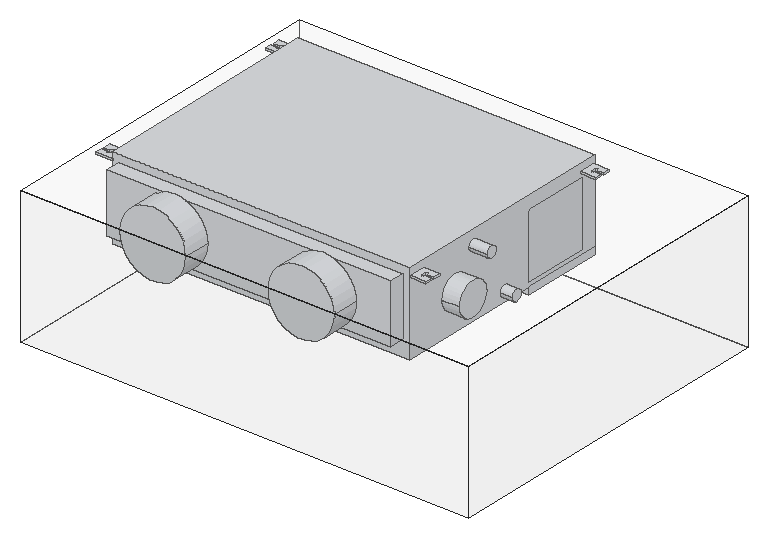
Revit family "pd-rp40_160ga21_60Hz", category 機械設備, Revit 2019
Family settings
  丸型コネクタ寸法 = 直径を使用
  パーツ タイプ = 標準
  OmniClass 番号 = 23.75.10.24.21.27.27
  OmniClass タイトル = Split System Air Conditioning Units
  作業面ベース = いいえ
  常に垂直 = はい
  ロード時にボイドで切り取り = いいえ
  共有 = いいえ
  部屋計算ポイント = はい
Parameters (values of type "PD-RP40GA21")
  騒音レベル（弱）(dB) = 52
  騒音レベル（中）(dB) = 55
  風量（弱）（m3／min） = 10
  風量（中）（m3／min） = 12
  風量（m3／min） = 14
  風量 = MAX風量  # 840.0 m³/h
  音響パワーレベル(dB) = 58
  電源種別 = ""
  電圧_電気ヒーター = 0 V
  電圧 = 200 V
  電動機出力_送風機 = 0.085 kW
  運転質量 = 0.00 kg
  連動 = ""
  質量 = if(製品質量 > 運転質量, 製品質量, 運転質量) * 1.2  # 34.80 kg
  負荷分類 = 3_ファン類
  説明 = "店舗・事務所用パッケージエアコン（Mr.SLIM） 天井ビルトイン形"
  設計暖房能力 [instance] = 0 kW
  設計冷房能力_顕熱 [instance] = 0 kW
  設計冷房能力 [instance] = 0 kW
  設置方法 = "天井吊（隠ぺい）形"
  記号 [instance] = ""
  製造元 = "三菱電機株式会社"
  製品質量 = 29.00 kg
  製品出荷対象 = "国内"
  製品リリース年月 = "2025/5/12"
  製品グループ = ""
  系統 [instance] = ""
  符号 = "PAC-CIS"
  積算_科目 = "1 空気調和設備"
  積算_拾い区分 [instance] = ""
  相_電気ヒーター = 1
  相 = 1
  盤記号 [instance] = ""
  発停方法 = ""
  特殊仕様 [instance] = ""
  火災停止 = ""
  消費電力_電気ヒーター = 0 kW
  消費電力_暖房 = 0.1 kW
  消費電力_加湿器 = 0 kW
  消費電力_冷房 = 0.1 kW
  消費電力 = if(消費電力_冷房 > 消費電力_暖房, 消費電力_冷房, 消費電力_暖房) + 消費電力_加湿器 + 消費電力_電気ヒーター  # 0.1 kW
  法定耐用年数 = "15"
  機外静圧 = 10.0 Pa
  極数 = 1
  材質 [instance] = ""
  有効加湿量 = 0
  暖房能力 = 4 kW
  形式_加湿器 = ""
  形式 = "天井吊（隠ぺい）形（片ダクト形）"
  幹線記号 [instance] = ""
  始動方式 = "直入"
  呼称 = "室内機_天井吊（隠ぺい）形（片ダクト形）"
  周波数 = 60 Hz
  台数_手元リモコン [instance] = ""
  台数_冷媒分岐ユニット [instance] = ""
  参照している仕様書等のバージョン = "公共建築工事標準仕様書（機械設備工事編）平成31年度版"
  加湿給水管径 = 0.00 mm
  分類コード = "50053003123050"
  分類グループ = ""
  冷房能力 = 3.6 kW
  冷媒高低圧ガス管径 = 0.00 mm
  冷媒管径符号 = "Ac"
  冷媒管径 = 100.00 mm
  冷媒液管径 = 6.35 mm
  冷媒ガス管径 = 12.70 mm
  価格 = 0
  企業コード = "108420"
  付属品_フィルター = ""
  付属品 [instance] = ""
  仕様書バージョン = "Version1.0"
  モデル = "PD-RP40GA21"
  パネル マテリアル = none
  ドレン管径 = 32.00 mm
  チャンバーボックス [instance] = yes
  ダクト高 = 178 mm
  ダクト幅 = 860 mm
  コメント [instance] = ""
  Keynote = ""
  Assembly Code = ""
  Width = 900 mm
  Version = ""
  Uniclass2015Version = "Systems v1.9"
  Uniclass2015Title = "Split coil remote air cooled condensing units"
  Uniclass2015Code = "Pr_70_65_03_84"
  URL = "https://www.mitsubishielectric.co.jp/ldg/wink/qr/002/338229/"
  SpecificationReference = ""
  SpecificationDescription = ""
  Revision = ""
  ProductInformation = ""
  OmniClassCode = "23-33 17 13 11"
  MIN風量 = 風量（弱）（m3／min） * 60.0 m³/h  # 600.0 m³/h
  MID風量 = 風量（中）（m3／min） * 60.0 m³/h  # 720.0 m³/h
  MAX風量 = 風量（m3／min） * 60.0 m³/h  # 840.0 m³/h
  IfcTypeProduct = ""
  IfcProduct = ""
  IfcExportType = "AIRCONDITIONINGUNIT"
  IfcExportAs = "IfcUnitaryEquipmentType"
  Height = 250 mm
  Depth = 701 mm
  Author = "三菱電機株式会社"
Types (9, lengths in mm): name | 騒音レベル（弱）(dB) | 騒音レベル（中）(dB) | 風量（弱）（m3／min） | 風量（中）（m3／min） | 風量（m3／min） | 風量 | 音響パワーレベル(dB) | 電動機出力_送風機 | 質量 | 製品質量 | 消費電力_暖房 | 消費電力_冷房 | 消費電力 | 暖房能力 | 冷房能力 | 冷媒管径符号 | 冷媒液管径 | 冷媒ガス管径 | モデル | ダクト幅 | Width | URL | MIN風量 | MID風量 | MAX風量
  PD-RP40GA21 | 52 | 55 | 10 | 12 | 14 | 840.0 m³/h | 58 | 0.085 kW | 34.80 kg | 29.00 kg | 0.1 kW | 0.1 kW | 0.1 kW | 4 kW | 3.6 kW | "Ac" | 6.35 | 12.70 | "PD-RP40GA21" | 860 | 900 | "https://www.mitsubishielectric.co.jp/ldg/wink/qr/002/338229/" | 600.0 m³/h | 720.0 m³/h | 840.0 m³/h
  PD-RP50GA21 | 53 | 55 | 10 | 12 | 14 | 840.0 m³/h | 59 | 0.085 kW | 34.80 kg | 29.00 kg | 0.1 kW | 0.1 kW | 0.1 kW | 5 kW | 4.5 kW | "Ac" | 6.35 | 12.70 | "PD-RP50GA21" | 860 | 900 | "https://www.mitsubishielectric.co.jp/ldg/wink/qr/002/338230/" | 600.0 m³/h | 720.0 m³/h | 840.0 m³/h
  PD-RP56GA21 | 53 | 56 | 10 | 12 | 14 | 840.0 m³/h | 59 | 0.085 kW | 34.80 kg | 29.00 kg | 0.1 kW | 0.1 kW | 0.1 kW | 5.6 kW | 5 kW | "Ac" | 6.35 | 12.70 | "PD-RP56GA21" | 860 | 900 | "https://www.mitsubishielectric.co.jp/ldg/wink/qr/002/338231/" | 600.0 m³/h | 720.0 m³/h | 840.0 m³/h
  PD-RP63GA21 | 54 | 57 | 13 | 16 | 19 | 1140.0 m³/h | 60 | 0.121 kW | 39.60 kg | 33.00 kg | 0.1 kW | 0.1 kW | 0.1 kW | 6.3 kW | 5.6 kW | "Ac" | 6.35 | 12.70 | "PD-RP63GA21" | 1060 | 1100 | "https://www.mitsubishielectric.co.jp/ldg/wink/qr/002/338232/" | 780.0 m³/h | 960.0 m³/h | 1140.0 m³/h
  PD-RP71GA21 | 55 | 57 | 13 | 16 | 19 | 1140.0 m³/h | 60 | 0.121 kW | 39.60 kg | 33.00 kg | 0.1 kW | 0.1 kW | 0.1 kW | 7 kW | 6.3 kW | "Bd" | 9.52 | 15.88 | "PD-RP71GA21" | 1060 | 1100 | "https://www.mitsubishielectric.co.jp/ldg/wink/qr/002/338233/" | 780.0 m³/h | 960.0 m³/h | 1140.0 m³/h
  PD-RP80GA21 | 56 | 57 | 13 | 16 | 19 | 1140.0 m³/h | 60 | 0.121 kW | 39.60 kg | 33.00 kg | 0.1 kW | 0.1 kW | 0.1 kW | 8 kW | 7.1 kW | "Bd" | 9.52 | 15.88 | "PD-RP80GA21" | 1060 | 1100 | "https://www.mitsubishielectric.co.jp/ldg/wink/qr/002/338234/" | 780.0 m³/h | 960.0 m³/h | 1140.0 m³/h
  PD-RP112GA21 | 59 | 60 | 20 | 24 | 28 | 1680.0 m³/h | 62 | 0.244 kW | 50.40 kg | 42.00 kg | 0.19 kW | 0.19 kW | 0.19 kW | 11.2 kW | 10 kW | "Bd" | 9.52 | 15.88 | "PD-RP112GA21" | 1360 | 1400 | "https://www.mitsubishielectric.co.jp/ldg/wink/qr/002/338235/" | 1200.0 m³/h | 1440.0 m³/h | 1680.0 m³/h
  PD-RP140GA21 | 61 | 62 | 22 | 26 | 31 | 1860.0 m³/h | 64 | 0.244 kW | 50.40 kg | 42.00 kg | 0.22 kW | 0.22 kW | 0.22 kW | 14 kW | 12.5 kW | "Bd" | 9.52 | 15.88 | "PD-RP140GA21" | 1360 | 1400 | "https://www.mitsubishielectric.co.jp/ldg/wink/qr/002/338236/" | 1320.0 m³/h | 1560.0 m³/h | 1860.0 m³/h
  PD-RP160GA21 | 63 | 65 | 24 | 29 | 34 | 2040.0 m³/h | 67 | 0.244 kW | 50.40 kg | 42.00 kg | 0.26 kW | 0.26 kW | 0.26 kW | 16 kW | 14 kW | "Bd" | 9.52 | 15.88 | "PD-RP160GA21" | 1360 | 1400 | "https://www.mitsubishielectric.co.jp/ldg/wink/qr/002/338237/" | 1440.0 m³/h | 1740.0 m³/h | 2040.0 m³/h
Reference planes
  plane 1 "中心(正面/背面)": y = 0
  plane 2: z = 0
  plane 3 "中心(左/右)": x = 0
  plane 4: y = 407.5
  plane 5: x = -490
  plane 6: x = 870
  plane 7: y = -650.5
  plane 8: y = -350.5
  plane 9: y = 350.5
  plane 10: x = -450
  plane 11: x = 450
  plane 12: z = 22
  plane 13: z = 272
  plane 14: z = 282
  plane 15: z = -130
Lines and regions (mm)
  symbolic lines, detail levels fine
    curve 1: line (-450, 350.5, 0) -> (450, 350.5, 0)
    curve 2: line (-450, -397.5, 0) -> (-450, 350.5, 0)
    curve 3: line (450, -397.5, 0) -> (-450, -397.5, 0)
    curve 4: line (450, 350.5, 0) -> (450, -397.5, 0)
Dimensions and locks
  "Width": plane 10 to plane 11
  locked: plane 8 to plane 7 at 300
  locked: plane 4 to plane 9 at 57
  equal spacing: plane 9, plane 1 "中心(正面/背面)", plane 8
  "Depth": plane 9 to plane 8
  equal spacing: plane 10, plane 3 "中心(左/右)", plane 11
  locked: plane 11 to plane 6 at 420
  locked: plane 5 to plane 10 at 40
  locked: plane 12 to plane 2 at 22
  "Height": plane 13 to plane 12
  locked: plane 14 to plane 13 at 10
  locked: plane 2 to plane 15 at 130
  aligned and locked: level to plane 2
  aligned and locked: plane 1 "中心(正面/背面)" to nested 1
  aligned and locked: plane 3 "中心(左/右)" to nested 1
  aligned and locked: plane 6 to nested 2
  aligned and locked: plane 5 to nested 2
  aligned and locked: plane 15 to nested 2
  aligned and locked: plane 14 to nested 2
  aligned and locked: nested 2 to plane 7
  aligned and locked: nested 2 to plane 4
Automatic sketch dimensions
  curve 3 to plane 8 = 47 mm
  curve 3 to plane 10 = 0 mm
  curve 3 to plane 11 = 0 mm
  curve 2 to plane 9 = 0 mm
Nested families
  nested 1: "PDFY-MP_GM" at (0, 0, 0), ①高さ <- "Height", ①幅 <- "Width", ①奥行き <- "Depth", ダクト幅 <- "ダクト幅", ダクト高 <- "ダクト高", type "PDFY-MP_GM"
    with 配管径 100 mm, 液径 9.52 mm, 液W 57 mm, 液H 122 mm, 液D 136 mm, 吊りボルトW 954 mm, 吊りボルトH 20 mm, 吊りボルトD 643 mm, 加湿器径 0 mm, 加湿器W 0 mm, 加湿器H 0 mm, 加湿器D 0 mm, ドレン径 32 mm, ドレンW 40 mm, ドレンH 217 mm, ドレンD 356 mm, ダクト高 178 mm, ダクト幅 860 mm, ダクト④ no, ダクト③ no, ダクト② yes, ダクト① yes, ガス径 15.88 mm, ガスW 78 mm, ガスH 33 mm, ガスD 67 mm, ①高さ 250 mm, ①幅 900 mm, ①奥行き 701 mm, G 320 mm, F 320 mm, E 450 mm, D 225 mm
  nested 2: "サービススペース" at (190, -121.5, 76), type "サービススペース"
    with Width 1360 mm, Height 412 mm, Depth 1058 mm
Connectors
  piping at (507, -181, 133.5), diameter 100, driven by "冷媒管径", driven by "冷媒管径符号"
    settings: on nested 1, index 5, connector inside diameter 609.60 mm, connector length 0 mm, flow factor 0, pipe flow 0.0 L/s, pressure drop 0.0 kPa, fitting loss kfactor 0, connector angle 0.00°, fixture units 0, engagement length 0 mm, angle of deflection 0.00°, flow configuration 1, flow direction 1, fitting loss method 4, system type 7, joint type 0, gender type 0, connector reference index -1, connector utility 0, adjustable connector no, is connector primary yes, connector description "Ac"
  piping at (490, 5.5, 55), diameter 32, driven by "ドレン管径"
    settings: on nested 1, index 6, connector inside diameter 609.60 mm, connector length 0 mm, flow factor 0, pipe flow 0.0 L/s, pressure drop 0.0 kPa, fitting loss kfactor 0, connector angle 0.00°, fixture units 0, engagement length 0 mm, angle of deflection 0.00°, flow configuration 1, flow direction 2, fitting loss method 4, system type 16, joint type 0, gender type 0, connector reference index -1, connector utility 0, adjustable connector no, is connector primary no, connector description ""
  electrical at (451, 200.5, 133), driven by "極数", driven by "負荷分類", driven by "電圧", driven by "消費電力"
    settings: on nested 1, index 7, voltage 200 V, apparent load 100 VA, apparent load phase1 0 VA, apparent load phase2 0 VA, apparent load phase3 0 VA, power factor 1, load classification "3_ファン類", number of poles 1, system type 30, power factor state 1, is connector primary yes, connector utility no, sub classification motor no, connector description ""
  hvac at (0, -397.5, 160), driven by "ダクト高", driven by "ダクト幅", driven by "機外静圧", driven by "風量"
    settings: on nested 1, index 8, duct flow 840.0 m³/h, flow factor 0, pres drop 10.0 Pa, loss coef 0, conn angle 0.00°, conn width 860 mm, conn height 178 mm, conn diameter 609.6 mm, duct sys type 29, conn prof type 1, flow config 0, flow direction 2, loss method 4, conn ref index -1, conn util no, is conn primary yes, conn desc ""
  piping at (508, -112.5, 231), diameter 32, driven by "ドレン管径"
    settings: on nested 1, index 9, connector inside diameter 609.60 mm, connector length 0 mm, flow factor 0, pipe flow 0.0 L/s, pressure drop 0.0 kPa, fitting loss kfactor 0, connector angle 0.00°, fixture units 0, engagement length 0 mm, angle of deflection 0.00°, flow configuration 1, flow direction 2, fitting loss method 4, system type 16, joint type 0, gender type 0, connector reference index -1, connector utility 0, adjustable connector no, is connector primary no, connector description ""
Definition of nested family "PDFY-MP_GM"
  Parameters (values of type "PDFY-MP_GM")
    加湿器径 [instance] = 0 mm
    加湿器W [instance] = 0 mm
    加湿器H [instance] = 0 mm
    加湿器D [instance] = 0 mm
    液径 [instance] = 9.52 mm
    吊りボルトW [instance] = ①幅 + 54 mm  # 754 mm
    吊りボルトH [instance] = 20 mm
    吊りボルトD [instance] = 643 mm  # constant formula
    配管径 [instance] = 100 mm  # constant formula
    液W [instance] = 57 mm  # constant formula
    液H [instance] = 122 mm  # constant formula
    液D [instance] = 136 mm  # constant formula
    ドレン径 [instance] = 32 mm  # constant formula
    ドレンW [instance] = 40 mm  # constant formula
    ドレンH [instance] = 217 mm  # constant formula
    ドレンD [instance] = 356 mm  # constant formula
    ダクト高 [instance] = 178 mm
    ダクト幅 [instance] = 660 mm
    ダクト④ [instance] = ①幅 > 1300 mm  # no
    ダクト③ [instance] = ①幅 > 1000 mm  # no
    ダクト② [instance] = yes
    ダクト① [instance] = yes
    ガス径 [instance] = 15.88 mm
    ガスW [instance] = 78 mm  # constant formula
    ガスH [instance] = 33 mm  # constant formula
    ガスD [instance] = 67 mm  # constant formula
    ①幅 [instance] = 700 mm
    ①高さ [instance] = 250 mm
    ①奥行き [instance] = 701 mm
    G [instance] = 320 mm  # constant formula
    F [instance] = 320 mm  # constant formula
    E [instance] = if(①幅 = 1400 mm, 320 mm, if(①幅 = 1100 mm, 320 mm, if(①幅 = 900 mm, 450 mm, 280 mm)))  # 280 mm
    D [instance] = if(①幅 = 1400 mm, 220 mm, if(①幅 = 1100 mm, 230 mm, if(①幅 = 900 mm, 225 mm, 210 mm)))  # 210 mm
  Reference planes
    plane 1 "中心(正面/背面)": y = 0
    plane 2: z = 0
    plane 3 "中心(左/右)": x = 0
    plane 4: x = -350
    plane 5: x = 350
    plane 6: y = 350.5
    plane 7: y = -350.5
    plane 8: z = 272
    plane 9: y = 317.5
    plane 10: y = -325.5
    plane 11: x = -377
    plane 12: x = 377
    plane 13: y = 421.5
    plane 14: z = 252
    plane 15: z = 247
    plane 16: y = -397.5
    plane 17: x = -330
    plane 18: y = -479.5
    plane 19: z = 71
    plane 20: z = 249
    plane 21: x = -400
    plane 22: x = 400
    plane 23: y = -300.5
    plane 24: y = 342.5
    plane 25: y = 292.5
    plane 26: x = -460
    plane 27: x = -140
    plane 28: x = 140
    plane 29: x = -780
    plane 30: z = 156
    plane 31: z = 22
    plane 32: y = 100.5
    plane 33: y = 5.5
    plane 34: y = -147.5
    plane 35: y = -214.5
    plane 36: y = -181
    plane 37: z = 150
    plane 38: z = 117
    plane 39: z = 133.5
    plane 40: x = 407
    plane 41: x = 390
    plane 42: z = 55
    plane 43: x = 351
    plane 44: z = 231
    plane 45: y = -112.5
    plane 46: x = 330
  Forms (mm)
    Extrusion 1, solid, detail levels fine
      sketch origin (0, 0, 0) x (1, 0, 0) y (0, 1, 0)
        loop
          line (-350, 350.5) -> (-350, -350.5) -> (350, -350.5) -> (350, 350.5) -> (-350, 350.5)
      from 22 to 272
    Extrusion 2, solid, detail levels fine
      sketch origin (0, 0, 0) x (1, 0, 0) y (0, 0, 1)
        loop
          line (330, 249) -> (-330, 249) -> (-330, 71) -> (330, 71) -> (330, 249)
      from 350.5 to 397.5
    Extrusion 3, solid, detail levels fine
      sketch origin (0, 0, 0) x (1, 0, 0) y (0, 1, 0)
        loop
          line (350, 342.5) -> (350, 292.5) -> (400, 292.5) -> (400, 312.5) -> (382, 312.5)
          arc (382, 312.5) -> (377, 307.5) -> (372, 312.5) r 5
          line (372, 312.5) -> (372, 322.5)
          arc (372, 322.5) -> (377, 327.5) -> (382, 322.5) r 5
          line (382, 322.5) -> (400, 322.5) -> (400, 342.5) -> (350, 342.5)
        loop
          line (400, -300.5) -> (350, -300.5) -> (350, -350.5) -> (400, -350.5) -> (400, -330.5) -> (382, -330.5)
          arc (382, -330.5) -> (377, -335.5) -> (372, -330.5) r 5
          line (372, -330.5) -> (372, -320.5)
          arc (372, -320.5) -> (377, -315.5) -> (382, -320.5) r 5
          line (382, -320.5) -> (400, -320.5) -> (400, -300.5)
        loop
          line (-400, 342.5) -> (-400, 322.5) -> (-382, 322.5)
          arc (-382, 322.5) -> (-377, 327.5) -> (-372, 322.5) r 5
          line (-372, 322.5) -> (-372, 312.5)
          arc (-372, 312.5) -> (-377, 307.5) -> (-382, 312.5) r 5
          line (-382, 312.5) -> (-400, 312.5) -> (-400, 292.5) -> (-350, 292.5) -> (-350, 342.5) -> (-400, 342.5)
        loop
          line (-400, -300.5) -> (-400, -320.5) -> (-382, -320.5)
          arc (-382, -320.5) -> (-377, -315.5) -> (-372, -320.5) r 5
          line (-372, -320.5) -> (-372, -330.5)
          arc (-372, -330.5) -> (-377, -335.5) -> (-382, -330.5) r 5
          line (-382, -330.5) -> (-400, -330.5) -> (-400, -350.5) -> (-350, -350.5) -> (-350, -300.5) -> (-400, -300.5)
      from 247 to 252
    Extrusion 4, solid, visible <- "ダクト①", detail levels fine
      sketch origin (0, 0, 0) x (1, 0, 0) y (0, 0, 1)
        loop
          circle (140, 156) r 100
      from 397.5 to 479.5
    Extrusion 5, solid, detail levels fine
      sketch origin (0, 0, 0) x (1, 0, 0) y (0, 1, 0)
        loop
          line (-350, 350.5) -> (-350, 100.5) -> (350, 100.5) -> (350, 350.5) -> (-350, 350.5)
      from 0 to 22
    Extrusion 6, solid, detail levels fine
      sketch origin (0, 0, 0) x (0, 1, 0) y (0, 0, 1)
        loop
          circle (-181, 133.5) r 50
      from 350 to 407
    Extrusion 7, solid, detail levels fine
      sketch origin (0, 0, 0) x (0, 1, 0) y (0, 0, 1)
        loop
          circle (5.5, 55) r 16
      from 350 to 390
    Extrusion 8, solid, detail levels fine
      sketch origin (0, 0, 0) x (0, 1, 0) y (0, 0, 1)
        loop
          line (100.5, 231) -> (100.5, 35) -> (300.5, 35) -> (300.5, 231) -> (100.5, 231)
      from 350 to 351
    Extrusion 9, solid, visible <- "ダクト②", detail levels fine
      sketch origin (-140, 0, 0) x (1, 0, 0) y (0, 0, 1)
        loop
          circle (0, 156) r 100
      from 397.5 to 479.5
    Extrusion 10, solid, visible <- "ダクト③", detail levels fine
      sketch origin (-280, 0, 0) x (1, 0, 0) y (0, 0, 1)
        loop
          circle (-180, 156) r 100
      from 397.5 to 479.5
    Extrusion 11, solid, visible <- "ダクト④", detail levels fine
      sketch origin (-420, 0, 0) x (1, 0, 0) y (0, 0, 1)
        loop
          circle (-360, 156) r 100
      from 397.5 to 479.5
    Extrusion 12, solid, detail levels coarse+medium
      sketch origin (0, 0, 0) x (1, 0, 0) y (0, 1, 0)
        loop
          line (-350, 350.5) -> (-350, -397.5) -> (350, -397.5) -> (350, 350.5) -> (-350, 350.5)
      from 22 to 272
    Extrusion 13, solid, detail levels fine
      sketch origin (350, 350.5, 0) x (0, -1, 0) y (0, 0, -1)
        loop
          circle (463, -231) r 16
      from 0 to 58
  Dimensions and locks
    equal spacing: plane 7, plane 1 "中心(正面/背面)", plane 6
    "①奥行き": plane 7 to plane 6
    equal spacing: plane 4, plane 3 "中心(左/右)", plane 5
    "①幅": plane 4 to plane 5
    equal spacing: plane 11, plane 3 "中心(左/右)", plane 12
    "吊りボルトW": plane 11 to plane 12
    locked: plane 8 to plane 14 at 20
    locked: plane 14 to plane 15 at 5
    "ダクト高": plane 20 to plane 19
    locked: plane 21 to plane 11 at 23
    locked: plane 12 to plane 22 at 23
    locked: plane 9 to plane 6 at 33
    "吊りボルトD": plane 10 to plane 9
    plane 25 to plane 9 to plane 24 = 25 mm locked, 25 mm locked
    plane 7 to plane 10 to plane 23 = 25 mm, 25 mm
    locked: plane 8 to plane 20 at 23
    locked: plane 16 to plane 7 at 47
    locked: plane 18 to plane 16 at 82
    "E": plane 27 to plane 28
    "F": plane 26 to plane 27
    "G": plane 29 to plane 26
    locked: plane 8 to plane 30 at 116
    locked: plane 31 to level at 22
    "①高さ": plane 8 to plane 31
    locked: plane 32 to plane 6 at 250
    "液D": plane 7 to plane 35
    "ドレンD": plane 7 to plane 33
    "ガスD": plane 35 to plane 34
    equal spacing: plane 35, plane 36, plane 34
    "液H": plane 8 to plane 37
    "ガスH": plane 37 to plane 38
    equal spacing: plane 37, plane 39, plane 38
    "液W": plane 5 to plane 40
    "ドレンW": plane 5 to plane 41
    "ドレンH": plane 8 to plane 42
    plane 8 to plane 42 = 217 mm
    locked: plane 5 to plane 43 at 1
    "D": plane 28 to plane 5
    equal spacing: plane 46, plane 3 "中心(左/右)", plane 17
    "ダクト幅": plane 46 to plane 17
    radius of Extrusion 4 sketch curve = 100 mm
    "配管径": diameter of Extrusion 6 sketch curve
    "ドレン径": diameter of Extrusion 7 sketch curve
    radius of Extrusion 9 sketch curve = 100 mm
    radius of Extrusion 10 sketch curve = 100 mm
    radius of Extrusion 11 sketch curve = 100 mm
    diameter of Extrusion 13 sketch curve = 32 mm
    aligned and locked: level to plane 2
    aligned and locked: plane 6 to Extrusion 1 sketch curve
    aligned and locked: plane 4 to Extrusion 1 sketch curve
    aligned and locked: Extrusion 1 sketch curve to plane 7
    aligned and locked: Extrusion 1 sketch curve to plane 5
    aligned and locked: plane 8 to Extrusion 1
    aligned and locked: plane 20 to Extrusion 2 sketch curve
    aligned and locked: Extrusion 2 sketch curve to plane 19
    aligned and locked: Extrusion 2 sketch curve to plane 17
    aligned and locked: plane 16 to Extrusion 2
    aligned and locked: Extrusion 2 to plane 7
    aligned and locked: plane 10 to nested 1
    aligned and locked: plane 11 to nested 1
    aligned and locked: plane 12 to nested 1
    aligned and locked: nested 1 to plane 9
    aligned and locked: plane 24 to Extrusion 3 sketch curve  (x2)
    aligned and locked: plane 5 to Extrusion 3 sketch curve
    aligned and locked: Extrusion 3 sketch curve to plane 25  (x2)
    aligned and locked: Extrusion 3 sketch curve to plane 22  (x2)
    aligned and locked: Extrusion 3 sketch curve to plane 23
    aligned and locked: plane 22 to Extrusion 3 sketch curve  (x2)
    aligned and locked: Extrusion 1 to Extrusion 3 sketch curve  (x2)
    aligned and locked: Extrusion 3 sketch curve to Extrusion 1  (x2)
    aligned and locked: plane 21 to Extrusion 3 sketch curve  (x4)
    aligned and locked: Extrusion 3 sketch curve to plane 4
    aligned and locked: plane 23 to Extrusion 3 sketch curve
    aligned and locked: plane 11 to Extrusion 3 sketch curve  (x4)
    aligned and locked: plane 12 to Extrusion 3 sketch curve  (x4)
    aligned and locked: plane 14 to Extrusion 3
    aligned and locked: Extrusion 3 to plane 15
    aligned and locked: plane 28 to Extrusion 4 sketch curve
    aligned and locked: plane 30 to Extrusion 4 sketch curve
    aligned and locked: plane 18 to Extrusion 4
    aligned and locked: Extrusion 4 to plane 16
    aligned and locked: Extrusion 1 to plane 31
    aligned and locked: Extrusion 5 sketch curve to Extrusion 1  (x2)
    aligned and locked: Extrusion 5 sketch curve to plane 32
    aligned and locked: Extrusion 5 sketch curve to plane 5
    aligned and locked: Extrusion 5 to Extrusion 1
    aligned and locked: plane 36 to Extrusion 6 sketch curve
    aligned and locked: plane 39 to Extrusion 6 sketch curve
    aligned and locked: Extrusion 6 to plane 5
    aligned and locked: plane 40 to Extrusion 6
    aligned and locked: plane 33 to Extrusion 7 sketch curve
    aligned and locked: plane 42 to Extrusion 7 sketch curve
    aligned and locked: plane 41 to Extrusion 7
    aligned and locked: Extrusion 7 to plane 5
    aligned and locked: plane 43 to Extrusion 8
    aligned and locked: Extrusion 8 to plane 5
    aligned and locked: plane 27 to Extrusion 9 sketch curve
    aligned and locked: plane 30 to Extrusion 9 sketch curve
    aligned and locked: plane 26 to Extrusion 10 sketch curve
    aligned and locked: plane 30 to Extrusion 10 sketch curve
    aligned and locked: plane 30 to Extrusion 11 sketch curve
    aligned and locked: plane 29 to Extrusion 11 sketch curve
    aligned and locked: plane 18 to Extrusion 11
    aligned and locked: Extrusion 11 to plane 16
    aligned and locked: plane 18 to Extrusion 10
    aligned and locked: Extrusion 10 to plane 16
    aligned and locked: Extrusion 9 to plane 16
    aligned and locked: plane 18 to Extrusion 9
    aligned and locked: plane 6 to Extrusion 12 sketch curve
    aligned and locked: Extrusion 12 sketch curve to plane 16
    aligned and locked: Extrusion 12 sketch curve to plane 5
    aligned and locked: plane 8 to Extrusion 12
    aligned and locked: Extrusion 1 to Extrusion 12
    aligned and locked: Extrusion 12 sketch curve to Extrusion 1
  Automatic sketch dimensions
    Extrusion 3 sketch curve to plane 11 = 5 mm  (x2)
    Extrusion 3 sketch curve to Extrusion 3 sketch curve = 5 mm
    Extrusion 3 sketch curve to plane 12 = 5 mm
    plane 10 to Extrusion 3 sketch curve = 5 mm  (x2)
    Extrusion 3 sketch curve to Extrusion 3 sketch curve = 0 mm  (x4)
    Extrusion 3 sketch curve to plane 10 = 5 mm  (x2)
    plane 9 to Extrusion 3 sketch curve = 5 mm  (x3)
    Extrusion 3 sketch curve to plane 9 = 5 mm  (x2)
    Extrusion 8 sketch curve to plane 32 = 0 mm
    Extrusion 8 sketch curve to plane 25 = 8 mm
    plane 31 to Extrusion 8 sketch curve = 13 mm
    Extrusion 8 sketch curve to plane 15 = 16 mm
    Extrusion 2 sketch curve to plane 5 = 20 mm
    Extrusion 12 to Extrusion 13 sketch curve = 41 mm
    Extrusion 12 to Extrusion 13 sketch curve = 285 mm
  Nested families
    nested 1: "固定点" at (-377, -325.5, 0), type "固定点", detail levels fine
      with W 754 mm, D 643 mm, 中心円 10 mm
  Definition of nested family "固定点"
    Parameters (values of type "固定点")
      中心円 = 20 mm
      W [instance] = 1000 mm
      D [instance] = 1000 mm
    Reference planes
      plane 1 "中心(正面/背面)": y = 0
      plane 2: z = 0
      plane 3 "中心(左/右)": x = 0
      plane 4: x = 1000
      plane 5: y = 1000
    Lines and regions (mm)
      symbolic lines, detail levels fine
        curve 1: circle (0, 1000, 0) r 10 normal (0, 0, 1)
        curve 2: circle (0, 0, 0) r 10 normal (0, 0, 1)
        curve 3: circle (1000, 1000, 0) r 10 normal (0, 0, 1)
        curve 4: circle (1000, 0, 0) r 10 normal (0, 0, 1)
        curve 5: line (-200, 1000, 0) -> (1200, 1000, 0)
        curve 6: line (-200, 0, 0) -> (1200, 0, 0)
        curve 7: line (0, 1200, 0) -> (0, -200, 0)
        curve 8: line (1000, 1200, 0) -> (1000, -200, 0)
    Dimensions and locks
      "W": plane 3 "中心(左/右)" to plane 4
      "D": plane 1 "中心(正面/背面)" to plane 5
      "中心円": diameter of curve 1
      "中心円": diameter of curve 2
      "中心円": diameter of curve 3
      "中心円": diameter of curve 4
      aligned and locked: level to plane 2
      aligned and locked: plane 5 to curve 1
      aligned and locked: plane 3 "中心(左/右)" to curve 1
      aligned and locked: plane 3 "中心(左/右)" to curve 2
      aligned and locked: plane 1 "中心(正面/背面)" to curve 2
      aligned and locked: plane 4 to curve 3
      aligned and locked: plane 5 to curve 3
      aligned and locked: plane 1 "中心(正面/背面)" to curve 4
      aligned and locked: plane 4 to curve 4
      aligned and locked: plane 1 "中心(正面/背面)" to curve 6
      aligned and locked: curve 7 to plane 3 "中心(左/右)"
      aligned and locked: curve 8 to plane 4
    Automatic sketch dimensions
      curve 5 to plane 5 = 0 mm
      curve 6 to plane 3 "中心(左/右)" = 200 mm
      curve 5 to plane 3 "中心(左/右)" = 200 mm
      curve 4 to curve 6 = 200 mm
      curve 3 to curve 5 = 200 mm
      plane 1 "中心(正面/背面)" to curve 8 = 200 mm
      plane 1 "中心(正面/背面)" to curve 7 = 200 mm
      curve 3 to curve 8 = 200 mm
      curve 1 to curve 7 = 200 mm
Definition of nested family "サービススペース"
  Parameters (values of type "サービススペース")
    Width [instance] = 500 mm
    Height [instance] = 500 mm
    Depth [instance] = 500 mm
  Reference planes
    plane 1 "中心(正面/背面)": y = 0
    plane 2: z = 0
    plane 3 "中心(左/右)": x = 0
    plane 4: y = -250
    plane 5: x = 250
    plane 6: y = 250
    plane 7: x = -250
    plane 8: z = 250
    plane 9: z = -250
  Forms (mm)
    Extrusion 1, solid
      sketch origin (-638.939, 0, 72.39) x (1, 0, 0) y (0, 1, 0)
        loop
          line (388.939, 250) -> (388.939, -250) -> (888.939, -250) -> (888.939, 250) -> (388.939, 250)
      from -322.39 to 177.61
  Lines and regions (mm)
    symbolic lines
      curve 1: line (-250, 0, 250) -> (250, 0, 250)
      curve 2: line (-250, 0, -250) -> (-250, 0, 250)
      curve 3: line (250, 0, -250) -> (-250, 0, -250)
      curve 4: line (250, 0, 250) -> (250, 0, -250)
      curve 5: line (0, -250, 250) -> (0, 250, 250)
      curve 6: line (0, -250, -250) -> (0, -250, 250)
      curve 7: line (0, 250, -250) -> (0, -250, -250)
      curve 8: line (0, 250, 250) -> (0, 250, -250)
      curve 9: line (-250, 250, 0) -> (250, 250, 0)
      curve 10: line (-250, -250, 0) -> (-250, 250, 0)
      curve 11: line (250, -250, 0) -> (-250, -250, 0)
      curve 12: line (250, 250, 0) -> (250, -250, 0)
  Dimensions and locks
    equal spacing: plane 7, plane 3 "中心(左/右)", plane 5
    equal spacing: plane 4, plane 1 "中心(正面/背面)", plane 6
    "Depth": plane 4 to plane 6
    "Width": plane 7 to plane 5
    equal spacing: plane 8, plane 2, plane 9
    "Height": plane 8 to plane 9
    aligned and locked: plane 9 to curve 3
    aligned and locked: plane 7 to curve 2
    aligned and locked: curve 4 to plane 5
    aligned and locked: plane 5 to Extrusion 1
    aligned and locked: Extrusion 1 to plane 7
    aligned and locked: Extrusion 1 to plane 9
    aligned and locked: plane 8 to Extrusion 1
    aligned and locked: plane 9 to curve 7
  Automatic sketch dimensions
    plane 4 to Extrusion 1 sketch curve = 0 mm
    Extrusion 1 sketch curve to plane 7 = 0 mm
    Extrusion 1 sketch curve to plane 5 = 0 mm
    plane 6 to Extrusion 1 sketch curve = 0 mm
    curve 2 to plane 8 = 0 mm
    plane 4 to curve 11 = 0 mm
    curve 11 to plane 7 = 0 mm
    curve 11 to plane 5 = 0 mm
    plane 6 to curve 10 = 0 mm
    curve 7 to plane 4 = 0 mm
    curve 7 to plane 6 = 0 mm
    curve 6 to plane 8 = 0 mm
